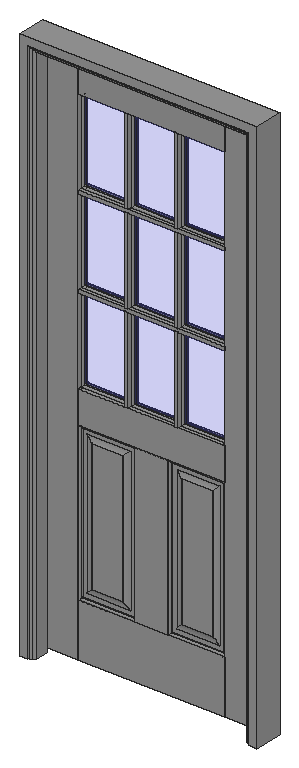
Revit family "IG9 SQUARE", category Doors, host Wall, Revit 2013
Parameters (values of type "IG9 SQUARE")
  Function = Interior
  Frame Projection Ext. = 25 mm
  Frame Projection Int. = 25 mm
  Frame Width = 75 mm
  Height = 2090 mm
  Wall Closure = By host
  Width = 889 mm
Reference planes
  plane 1: y = 0
  plane 2 "Center (Left/Right)": x = 0
  plane 3 "Left": x = -444.5
  plane 4 "Right": x = 444.5
  plane 5: z = 2090
  plane 6 "Exterior": y = 75
  plane 7 "Interior": y = -75
Forms (mm)
  Sweep 1, solid, material "Lauan, Meranti"
    path origin (0, 75, 0) x (1, 0, 0) y (0, 0, 1)
      loop
        line (444.5, 0) -> (444.5, 2090) -> (-444.5, 2090) -> (-444.5, 0)
    profile "Van Acht 105x50 Door Frame Routed Profile (Heavy) : Van Acht 105x50 Door Frame Routed Profile (Heavy)" origin (444.5, 75, 1045) x (-1, 0, 0) y (0, -1, 0)
      loop
        line (0, 22.5) -> (38, 22.5) -> (38, 67.5) -> (50, 67.5) -> (50, 112.5)
        arc (50, 112.5) -> (44.957, 114.29) -> (42.17, 118.859) r 8
        line (42.17, 118.859) -> (39, 118.859)
        arc (39, 118.859) -> (35.311, 122.973) -> (30, 124.5) r 10
        line (30, 124.5) -> (30, 127.5) -> (0, 127.5) -> (0, 22.5)
  Extrusion 2, solid, material "Lauan, Meranti"
    sketch origin (0, -85, 0) x (0, 1, 0) y (0, 0, 1)
      loop
        line (132.5, 20) -> (132.5, 221) -> (130.5, 221)
        arc (130.5, 221) -> (128.866, 225.67) -> (124.5, 228) r 6.807
        line (124.5, 228) -> (124.5, 230) -> (122.5, 230) -> (122.5, 215) -> (102.5, 215) -> (102.5, 230) -> (100.5, 230) -> (100.5, 228)
        arc (100.5, 228) -> (96.134, 225.67) -> (94.5, 221) r 6.807
        line (94.5, 221) -> (92.5, 221) -> (92.5, 20) -> (132.5, 20)
      loop
        line (132.5, 809) -> (132.5, 931) -> (130.5, 931)
        arc (130.5, 931) -> (128.866, 935.67) -> (124.5, 938) r 6.807
        line (124.5, 938) -> (124.5, 940) -> (122.5, 940) -> (122.5, 931) -> (92.5, 931) -> (92.5, 809) -> (94.5, 809)
        arc (94.5, 809) -> (96.134, 804.33) -> (100.5, 802) r 6.807
        line (100.5, 802) -> (100.5, 800) -> (102.5, 800) -> (102.5, 815) -> (122.5, 815) -> (122.5, 800) -> (124.5, 800) -> (124.5, 802)
        arc (124.5, 802) -> (128.866, 804.33) -> (130.5, 809) r 6.807
        line (130.5, 809) -> (132.5, 809)
      loop
        line (130.5, 1921) -> (132.5, 1921) -> (132.5, 2052) -> (92.5, 2052) -> (92.5, 1921) -> (122.5, 1921) -> (122.5, 1912) -> (124.5, 1912) -> (124.5, 1914)
        arc (124.5, 1914) -> (128.866, 1916.33) -> (130.5, 1921) r 6.807
    from -275.5 to 275.5
  Extrusion 3, solid, material "Lauan, Meranti"
    sketch origin (0, 0, 0) x (1, 0, 0) y (0, 1, 0)
      loop
        line (-406.5, 47.5) -> (-406.5, 7.5) -> (-275.5, 7.5) -> (-275.5, 9.5)
        arc (-275.5, 9.5) -> (-270.765, 11.06) -> (-268.5, 15.5) r 6.549
        line (-268.5, 15.5) -> (-266.5, 15.5) -> (-266.5, 17.5) -> (-281.5, 17.5) -> (-281.5, 37.5) -> (-266.5, 37.5) -> (-266.5, 39.5) -> (-268.5, 39.5)
        arc (-268.5, 39.5) -> (-270.765, 43.94) -> (-275.5, 45.5) r 6.549
        line (-275.5, 45.5) -> (-275.5, 47.5) -> (-406.5, 47.5)
      loop
        line (406.5, 47.5) -> (275.5, 47.5) -> (275.5, 45.5)
        arc (275.5, 45.5) -> (270.765, 43.94) -> (268.5, 39.5) r 6.549
        line (268.5, 39.5) -> (266.5, 39.5) -> (266.5, 37.5) -> (281.5, 37.5) -> (281.5, 17.5) -> (266.5, 17.5) -> (266.5, 15.5) -> (268.5, 15.5)
        arc (268.5, 15.5) -> (270.765, 11.06) -> (275.5, 9.5) r 6.549
        line (275.5, 9.5) -> (275.5, 7.5) -> (406.5, 7.5) -> (406.5, 47.5)
    from 20 to 931
  Sweep 4, solid, material "Lauan, Meranti"
    path origin (0, 75, 0) x (1, 0, 0) y (0, 0, 1)
      loop
        line (-61, 809) -> (-275.5, 809) -> (-275.5, 221) -> (-61, 221) -> (-61, 809)
    profile origin (-168.25, 75, 809) x (0, 0, -1) y (0, -1, 0)
      loop
        line (-4.5, 57.5) -> (-4.5, 37.5) -> (25.727, 37.5)
        arc (25.727, 37.5) -> (37.468, 35.847) -> (48.5, 31.5) r 50.456
        line (48.5, 31.5) -> (48.5, 63.5)
        arc (48.5, 63.5) -> (37.468, 59.153) -> (25.727, 57.5) r 50.456
        line (25.727, 57.5) -> (-4.5, 57.5)
  Extrusion 5, solid, material "Lauan, Meranti"
    sketch origin (0, 75, 0) x (1, 0, 0) y (0, 0, 1)
      loop
        line (-109.5, 760.5) -> (-227, 760.5) -> (-227, 269.5) -> (-109.5, 269.5) -> (-109.5, 760.5)
    from 31.5 to 63.5
  Extrusion 6, solid, material "Lauan, Meranti"
    sketch origin (0, 0, 0) x (1, 0, 0) y (0, 1, 0)
      loop
        line (-406.5, 47.5) -> (-406.5, 7.5) -> (-275.5, 7.5) -> (-275.5, 37.5) -> (-266.5, 37.5) -> (-266.5, 39.5) -> (-268.5, 39.5)
        arc (-268.5, 39.5) -> (-270.765, 43.94) -> (-275.5, 45.5) r 6.549
        line (-275.5, 45.5) -> (-275.5, 47.5) -> (-406.5, 47.5)
      loop
        line (406.5, 47.5) -> (275.5, 47.5) -> (275.5, 45.5)
        arc (275.5, 45.5) -> (270.765, 43.94) -> (268.5, 39.5) r 6.549
        line (268.5, 39.5) -> (266.5, 39.5) -> (266.5, 37.5) -> (275.5, 37.5) -> (275.5, 7.5) -> (406.5, 7.5) -> (406.5, 47.5)
    from 931 to 2052
  Extrusion 7, solid, material "Glass"
    sketch origin (-239.333, 87, -741.667) x (1, 0, 0) y (0, 0, 1)
      loop
        line (514.833, 1994) -> (339.833, 1994) -> (339.833, 1672.667) -> (514.833, 1672.667) -> (514.833, 1994)
    from 49.5 to 57.5
  Extrusion 8, solid, material "Lauan, Meranti"
    sketch origin (-376.5, 55, 0) x (0, -1, 0) y (0, 0, -1)
      loop
        line (17.5, -1577.667) -> (15.5, -1577.667) -> (15.5, -1579.667)
        arc (15.5, -1579.667) -> (11.134, -1581.996) -> (9.5, -1586.667) r 6.807
        line (9.5, -1586.667) -> (7.5, -1586.667) -> (7.5, -1599.667) -> (9.5, -1599.667)
        arc (9.5, -1599.667) -> (11.134, -1604.337) -> (15.5, -1606.667) r 6.807
        line (15.5, -1606.667) -> (15.5, -1608.667) -> (17.5, -1608.667) -> (17.5, -1599.667) -> (47.5, -1599.667) -> (47.5, -1586.667) -> (17.5, -1586.667) -> (17.5, -1577.667)
      loop
        line (17.5, -1243.333) -> (15.5, -1243.333) -> (15.5, -1245.333)
        arc (15.5, -1245.333) -> (11.134, -1247.663) -> (9.5, -1252.333) r 6.807
        line (9.5, -1252.333) -> (7.5, -1252.333) -> (7.5, -1265.333) -> (9.5, -1265.333)
        arc (9.5, -1265.333) -> (11.134, -1270.004) -> (15.5, -1272.333) r 6.807
        line (15.5, -1272.333) -> (15.5, -1274.333) -> (17.5, -1274.333) -> (17.5, -1265.333) -> (47.5, -1265.333) -> (47.5, -1252.333) -> (17.5, -1252.333) -> (17.5, -1243.333)
    from 101 to 652
  Extrusion 9, solid, material "Lauan, Meranti"
    sketch origin (-129.357, 55, 1439.918) x (1, 0, 0) y (0, 1, 0)
      loop
        line (207.857, -17.5) -> (216.857, -17.5) -> (216.857, -47.5) -> (229.857, -47.5) -> (229.857, -17.5) -> (238.857, -17.5) -> (238.857, -15.5) -> (236.857, -15.5)
        arc (236.857, -15.5) -> (234.528, -11.134) -> (229.857, -9.5) r 6.807
        line (229.857, -9.5) -> (229.857, -7.5) -> (216.857, -7.5) -> (216.857, -9.5)
        arc (216.857, -9.5) -> (212.187, -11.134) -> (209.857, -15.5) r 6.807
        line (209.857, -15.5) -> (207.857, -15.5) -> (207.857, -17.5)
      loop
        line (50.857, -17.5) -> (50.857, -15.5) -> (48.857, -15.5)
        arc (48.857, -15.5) -> (46.528, -11.134) -> (41.857, -9.5) r 6.807
        line (41.857, -9.5) -> (41.857, -7.5) -> (28.857, -7.5) -> (28.857, -9.5)
        arc (28.857, -9.5) -> (24.187, -11.134) -> (21.857, -15.5) r 6.807
        line (21.857, -15.5) -> (19.857, -15.5) -> (19.857, -17.5) -> (28.857, -17.5) -> (28.857, -47.5) -> (41.857, -47.5) -> (41.857, -17.5) -> (50.857, -17.5)
    from 159.749 to 481.082
  Extrusion 10, solid, material "Lauan, Meranti"
    sketch origin (-129.357, 55, 1105.584) x (1, 0, 0) y (0, 1, 0)
      loop
        line (207.857, -17.5) -> (216.857, -17.5) -> (216.857, -47.5) -> (229.857, -47.5) -> (229.857, -17.5) -> (238.857, -17.5) -> (238.857, -15.5) -> (236.857, -15.5)
        arc (236.857, -15.5) -> (234.528, -11.134) -> (229.857, -9.5) r 6.807
        line (229.857, -9.5) -> (229.857, -7.5) -> (216.857, -7.5) -> (216.857, -9.5)
        arc (216.857, -9.5) -> (212.187, -11.134) -> (209.857, -15.5) r 6.807
        line (209.857, -15.5) -> (207.857, -15.5) -> (207.857, -17.5)
      loop
        line (50.857, -17.5) -> (50.857, -15.5) -> (48.857, -15.5)
        arc (48.857, -15.5) -> (46.528, -11.134) -> (41.857, -9.5) r 6.807
        line (41.857, -9.5) -> (41.857, -7.5) -> (28.857, -7.5) -> (28.857, -9.5)
        arc (28.857, -9.5) -> (24.187, -11.134) -> (21.857, -15.5) r 6.807
        line (21.857, -15.5) -> (19.857, -15.5) -> (19.857, -17.5) -> (28.857, -17.5) -> (28.857, -47.5) -> (41.857, -47.5) -> (41.857, -17.5) -> (50.857, -17.5)
    from 159.749 to 481.082
  Extrusion 11, solid, material "Lauan, Meranti"
    sketch origin (-129.357, 55, 771.251) x (1, 0, 0) y (0, 1, 0)
      loop
        line (207.857, -17.5) -> (216.857, -17.5) -> (216.857, -47.5) -> (229.857, -47.5) -> (229.857, -17.5) -> (238.857, -17.5) -> (238.857, -15.5) -> (236.857, -15.5)
        arc (236.857, -15.5) -> (234.528, -11.134) -> (229.857, -9.5) r 6.807
        line (229.857, -9.5) -> (229.857, -7.5) -> (216.857, -7.5) -> (216.857, -9.5)
        arc (216.857, -9.5) -> (212.187, -11.134) -> (209.857, -15.5) r 6.807
        line (209.857, -15.5) -> (207.857, -15.5) -> (207.857, -17.5)
      loop
        line (50.857, -17.5) -> (50.857, -15.5) -> (48.857, -15.5)
        arc (48.857, -15.5) -> (46.528, -11.134) -> (41.857, -9.5) r 6.807
        line (41.857, -9.5) -> (41.857, -7.5) -> (28.857, -7.5) -> (28.857, -9.5)
        arc (28.857, -9.5) -> (24.187, -11.134) -> (21.857, -15.5) r 6.807
        line (21.857, -15.5) -> (19.857, -15.5) -> (19.857, -17.5) -> (28.857, -17.5) -> (28.857, -47.5) -> (41.857, -47.5) -> (41.857, -17.5) -> (50.857, -17.5)
    from 159.749 to 481.082
  Sweep 12, solid, material "Lauan, Meranti"
    path origin (-592.012, -20, -741.667) x (1, 0, 0) y (0, 0, -1)
      loop
        line (491.512, -1994) -> (491.512, -1672.667) -> (316.5, -1672.667) -> (316.5, -1994) -> (491.512, -1994)
    profile origin (-188.006, -20, 1252.333) x (0, 0, 1) y (0, 1, 0)
      loop
        line (-9, 49.5) -> (-9, 47.5) -> (-7, 47.5)
        arc (-7, 47.5) -> (-4.67, 43.134) -> (0, 41.5) r 6.807
        line (0, 41.5) -> (0, 49.5) -> (-9, 49.5)
  Extrusion 13, solid, material "Glass"
    sketch origin (-427.333, 87, -741.667) x (1, 0, 0) y (0, 0, 1)
      loop
        line (514.833, 1994) -> (339.833, 1994) -> (339.833, 1672.667) -> (514.833, 1672.667) -> (514.833, 1994)
    from 49.5 to 57.5
  Extrusion 14, solid, material "Glass"
    sketch origin (-615.333, 87, -741.667) x (1, 0, 0) y (0, 0, 1)
      loop
        line (514.833, 1994) -> (339.833, 1994) -> (339.833, 1672.667) -> (514.833, 1672.667) -> (514.833, 1994)
    from 49.5 to 57.5
  Extrusion 15, solid, material "Glass"
    sketch origin (-239.333, 87, -407.333) x (1, 0, 0) y (0, 0, 1)
      loop
        line (514.833, 1994) -> (339.833, 1994) -> (339.833, 1672.667) -> (514.833, 1672.667) -> (514.833, 1994)
    from 49.5 to 57.5
  Extrusion 16, solid, material "Glass"
    sketch origin (-427.333, 87, -407.333) x (1, 0, 0) y (0, 0, 1)
      loop
        line (514.833, 1994) -> (339.833, 1994) -> (339.833, 1672.667) -> (514.833, 1672.667) -> (514.833, 1994)
    from 49.5 to 57.5
  Extrusion 17, solid, material "Glass"
    sketch origin (-615.333, 87, -407.333) x (1, 0, 0) y (0, 0, 1)
      loop
        line (514.833, 1994) -> (339.833, 1994) -> (339.833, 1672.667) -> (514.833, 1672.667) -> (514.833, 1994)
    from 49.5 to 57.5
  Extrusion 18, solid, material "Glass"
    sketch origin (-239.333, 87, -73) x (1, 0, 0) y (0, 0, 1)
      loop
        line (514.833, 1994) -> (339.833, 1994) -> (339.833, 1672.667) -> (514.833, 1672.667) -> (514.833, 1994)
    from 49.5 to 57.5
  Extrusion 19, solid, material "Glass"
    sketch origin (-427.333, 87, -73) x (1, 0, 0) y (0, 0, 1)
      loop
        line (514.833, 1994) -> (339.833, 1994) -> (339.833, 1672.667) -> (514.833, 1672.667) -> (514.833, 1994)
    from 49.5 to 57.5
  Extrusion 20, solid, material "Glass"
    sketch origin (-615.333, 87, -73) x (1, 0, 0) y (0, 0, 1)
      loop
        line (514.833, 1994) -> (339.833, 1994) -> (339.833, 1672.667) -> (514.833, 1672.667) -> (514.833, 1994)
    from 49.5 to 57.5
  Sweep 21, solid, material "Lauan, Meranti"
    path origin (-404.012, -20, -741.667) x (1, 0, 0) y (0, 0, -1)
      loop
        line (491.512, -1994) -> (491.512, -1672.667) -> (316.5, -1672.667) -> (316.5, -1994) -> (491.512, -1994)
    profile origin (-0.006, -20, 1252.333) x (0, 0, 1) y (0, 1, 0)
      loop
        line (-9, 49.5) -> (-9, 47.5) -> (-7, 47.5)
        arc (-7, 47.5) -> (-4.67, 43.134) -> (0, 41.5) r 6.807
        line (0, 41.5) -> (0, 49.5) -> (-9, 49.5)
  Sweep 22, solid, material "Lauan, Meranti"
    path origin (-216.012, -20, -741.667) x (1, 0, 0) y (0, 0, -1)
      loop
        line (491.512, -1994) -> (491.512, -1672.667) -> (316.5, -1672.667) -> (316.5, -1994) -> (491.512, -1994)
    profile origin (187.994, -20, 1252.333) x (0, 0, 1) y (0, 1, 0)
      loop
        line (-9, 49.5) -> (-9, 47.5) -> (-7, 47.5)
        arc (-7, 47.5) -> (-4.67, 43.134) -> (0, 41.5) r 6.807
        line (0, 41.5) -> (0, 49.5) -> (-9, 49.5)
  Sweep 23, solid, material "Lauan, Meranti"
    path origin (-592.012, -20, -407.333) x (1, 0, 0) y (0, 0, -1)
      loop
        line (491.512, -1994) -> (491.512, -1672.667) -> (316.5, -1672.667) -> (316.5, -1994) -> (491.512, -1994)
    profile origin (-188.006, -20, 1586.667) x (0, 0, 1) y (0, 1, 0)
      loop
        line (-9, 49.5) -> (-9, 47.5) -> (-7, 47.5)
        arc (-7, 47.5) -> (-4.67, 43.134) -> (0, 41.5) r 6.807
        line (0, 41.5) -> (0, 49.5) -> (-9, 49.5)
  Sweep 24, solid, material "Lauan, Meranti"
    path origin (-404.012, -20, -407.333) x (1, 0, 0) y (0, 0, -1)
      loop
        line (491.512, -1994) -> (491.512, -1672.667) -> (316.5, -1672.667) -> (316.5, -1994) -> (491.512, -1994)
    profile origin (-0.006, -20, 1586.667) x (0, 0, 1) y (0, 1, 0)
      loop
        line (-9, 49.5) -> (-9, 47.5) -> (-7, 47.5)
        arc (-7, 47.5) -> (-4.67, 43.134) -> (0, 41.5) r 6.807
        line (0, 41.5) -> (0, 49.5) -> (-9, 49.5)
  Sweep 25, solid, material "Lauan, Meranti"
    path origin (-216.012, -20, -407.333) x (1, 0, 0) y (0, 0, -1)
      loop
        line (491.512, -1994) -> (491.512, -1672.667) -> (316.5, -1672.667) -> (316.5, -1994) -> (491.512, -1994)
    profile origin (187.994, -20, 1586.667) x (0, 0, 1) y (0, 1, 0)
      loop
        line (-9, 49.5) -> (-9, 47.5) -> (-7, 47.5)
        arc (-7, 47.5) -> (-4.67, 43.134) -> (0, 41.5) r 6.807
        line (0, 41.5) -> (0, 49.5) -> (-9, 49.5)
  Sweep 26, solid, material "Lauan, Meranti"
    path origin (-592.012, -20, -73) x (1, 0, 0) y (0, 0, -1)
      loop
        line (491.512, -1994) -> (491.512, -1672.667) -> (316.5, -1672.667) -> (316.5, -1994) -> (491.512, -1994)
    profile origin (-188.006, -20, 1921) x (0, 0, 1) y (0, 1, 0)
      loop
        line (-9, 49.5) -> (-9, 47.5) -> (-7, 47.5)
        arc (-7, 47.5) -> (-4.67, 43.134) -> (0, 41.5) r 6.807
        line (0, 41.5) -> (0, 49.5) -> (-9, 49.5)
  Sweep 27, solid, material "Lauan, Meranti"
    path origin (-404.012, -20, -73) x (1, 0, 0) y (0, 0, -1)
      loop
        line (491.512, -1994) -> (491.512, -1672.667) -> (316.5, -1672.667) -> (316.5, -1994) -> (491.512, -1994)
    profile origin (-0.006, -20, 1921) x (0, 0, 1) y (0, 1, 0)
      loop
        line (-9, 49.5) -> (-9, 47.5) -> (-7, 47.5)
        arc (-7, 47.5) -> (-4.67, 43.134) -> (0, 41.5) r 6.807
        line (0, 41.5) -> (0, 49.5) -> (-9, 49.5)
  Sweep 28, solid, material "Lauan, Meranti"
    path origin (-216.012, -20, -73) x (1, 0, 0) y (0, 0, -1)
      loop
        line (491.512, -1994) -> (491.512, -1672.667) -> (316.5, -1672.667) -> (316.5, -1994) -> (491.512, -1994)
    profile origin (187.994, -20, 1921) x (0, 0, 1) y (0, 1, 0)
      loop
        line (-9, 49.5) -> (-9, 47.5) -> (-7, 47.5)
        arc (-7, 47.5) -> (-4.67, 43.134) -> (0, 41.5) r 6.807
        line (0, 41.5) -> (0, 49.5) -> (-9, 49.5)
  Extrusion 29, solid, material "Lauan, Meranti"
    sketch origin (0, 0, 0) x (1, 0, 0) y (0, 1, 0)
      loop
        line (61, 47.5) -> (-61, 47.5) -> (-61, 45.5)
        arc (-61, 45.5) -> (-65.735, 43.94) -> (-68, 39.5) r 6.549
        line (-68, 39.5) -> (-70, 39.5) -> (-70, 37.5) -> (-55, 37.5) -> (-55, 17.5) -> (-70, 17.5) -> (-70, 15.5) -> (-68, 15.5)
        arc (-68, 15.5) -> (-65.735, 11.06) -> (-61, 9.5) r 6.549
        line (-61, 9.5) -> (-61, 7.5) -> (61, 7.5) -> (61, 9.5)
        arc (61, 9.5) -> (65.735, 11.06) -> (68, 15.5) r 6.549
        line (68, 15.5) -> (70, 15.5) -> (70, 17.5) -> (55, 17.5) -> (55, 37.5) -> (70, 37.5) -> (70, 39.5) -> (68, 39.5)
        arc (68, 39.5) -> (65.735, 43.94) -> (61, 45.5) r 6.549
        line (61, 45.5) -> (61, 47.5)
    from 221 to 809
  Sweep 30, solid, material "Lauan, Meranti"
    path origin (336.5, 75, 0) x (1, 0, 0) y (0, 0, 1)
      loop
        line (-61, 809) -> (-275.5, 809) -> (-275.5, 221) -> (-61, 221) -> (-61, 809)
    profile origin (168.25, 75, 809) x (0, 0, -1) y (0, -1, 0)
      loop
        line (-4.5, 57.5) -> (-4.5, 37.5) -> (25.727, 37.5)
        arc (25.727, 37.5) -> (37.468, 35.847) -> (48.5, 31.5) r 50.456
        line (48.5, 31.5) -> (48.5, 63.5)
        arc (48.5, 63.5) -> (37.468, 59.153) -> (25.727, 57.5) r 50.456
        line (25.727, 57.5) -> (-4.5, 57.5)
  Extrusion 31, solid, material "Lauan, Meranti"
    sketch origin (336.5, 75, 0) x (1, 0, 0) y (0, 0, 1)
      loop
        line (-109.5, 760.5) -> (-227, 760.5) -> (-227, 269.5) -> (-109.5, 269.5) -> (-109.5, 760.5)
    from 31.5 to 63.5
Cuts and joins
  joined: Extrusion 3, Extrusion 6
Lines and regions (mm)
  Opening 1
    outline origin (-3050, -75, 0) x (1, 0, 0) y (0, 0, 1)
      loop
        line (2605.5, 0) -> (3494.5, 0) -> (3494.5, 2090) -> (2605.5, 2090) -> (2605.5, 0)
  symbolic lines, style "Elevation Swing"
    curve 1: line (444.5, -75, 1045) -> (-444.5, -75, 2090)
    curve 2: line (444.5, -75, 1045) -> (-444.5, -75, 0)
  model lines
    curve 3: line (406.5, 52.5, 0) -> (406.5, 865.5, 0)
    curve 4: arc (-406.5, 52.5, 0) -> (-168.378, 627.378, 0) -> (406.5, 865.5, 0) r 813
Text (mm)
  text "Exterior" at (-2295.016, 1099.543, 0), in view "Ref. Level"
  text "Exterior" at (0, 1615.38, 3698.081), in view "Left"
  text "Exterior" at (0, 1036.032, 3874.932), in view "Right"
Dimensions and locks
  equal spacing: plane 3 "Left", plane 2 "Center (Left/Right)", plane 4 "Right"
  "Width": plane 3 "Left" to plane 4 "Right"
  "Height": plane 5 to host wall
  equal spacing: host wall, curve 2, plane 5
  host wall to plane 5 = 2090 mm
  locked: plane 6 "Exterior" to host wall at 0
  locked: plane 7 "Interior" to host wall
  plane 3 "Left" to plane 4 "Right" = 889 mm
  Sweep 1 to Sweep 1 = 813 mm
  Extrusion 3 to Sweep 1 = 2032 mm
  aligned and locked: plane 3 "Left" to Opening 1 sketch curve
  aligned and locked: plane 5 to Opening 1 sketch curve  (x2)
  aligned and locked: Opening 1 sketch curve to plane 4 "Right"
  aligned and locked: Opening 1 sketch curve to level
  aligned and locked: plane 5 to curve 1
  aligned and locked: plane 3 "Left" to curve 2
  aligned and locked: plane 1 to host wall
  aligned and locked: plane 3 "Left" to curve 1
Automatic sketch dimensions
  plane 4 "Right" to curve 2 = 0 mm
  curve 2 to level = 0 mm
  plane 3 "Left" to Sweep 1 sketch curve = 0 mm
  plane 4 "Right" to Sweep 1 sketch curve = 0 mm
  Sweep 1 sketch curve to plane 5 = 0 mm
  Sweep 1 sketch curve to level = 0 mm  (x2)
  Extrusion 2 sketch curve to host wall = 7.5 mm  (x3)
  level to Extrusion 2 sketch curve = 20 mm
  Extrusion 2 sketch curve to Extrusion 2 sketch curve = 2 mm  (x17)
  Extrusion 2 sketch curve to Extrusion 2 sketch curve = 6 mm  (x6)
  Extrusion 2 sketch curve to Extrusion 2 sketch curve = 30 mm  (x2)
  Extrusion 2 sketch curve to Extrusion 2 sketch curve = 20 mm  (x2)
  Extrusion 2 sketch curve to Extrusion 2 sketch curve = 8 mm  (x2)
  Extrusion 2 sketch curve to Extrusion 2 sketch curve = 1.197 mm  (x6)
  Extrusion 2 sketch curve to Extrusion 2 sketch curve = 195 mm
  Extrusion 2 sketch curve to Extrusion 2 sketch curve = 7 mm  (x6)
  Extrusion 2 sketch curve to Extrusion 2 sketch curve = 570 mm
  Extrusion 2 sketch curve to Extrusion 2 sketch curve = 0 mm  (x2)
  Extrusion 2 sketch curve to Extrusion 2 sketch curve = 6.241 mm
  Extrusion 2 sketch curve to Extrusion 2 sketch curve = 116 mm
  plane 5 to Extrusion 2 sketch curve = 178 mm
  Extrusion 2 sketch curve to Extrusion 2 sketch curve = 0.241 mm
  plane 5 to Extrusion 2 sketch curve = 38 mm
  Extrusion 3 sketch curve to host wall = 7.5 mm  (x2)
  Extrusion 3 sketch curve to plane 3 "Left" = 38 mm
  Extrusion 3 sketch curve to host wall = 37.5 mm  (x2)
  Extrusion 3 sketch curve to Extrusion 3 sketch curve = 125 mm
  Extrusion 3 sketch curve to Extrusion 3 sketch curve = 6 mm  (x7)
  Extrusion 3 sketch curve to Extrusion 3 sketch curve = 7 mm  (x4)
  Extrusion 3 sketch curve to Extrusion 3 sketch curve = 2 mm  (x11)
  plane 4 "Right" to Extrusion 3 sketch curve = 178 mm
  Extrusion 3 sketch curve to Extrusion 3 sketch curve = 0 mm
  plane 4 "Right" to Extrusion 3 sketch curve = 38 mm
  Extrusion 3 sketch curve to Extrusion 3 sketch curve = 0.473 mm  (x3)
  Extrusion 3 sketch curve to Extrusion 3 sketch curve = 6.527 mm
  Extrusion 3 sketch curve to Extrusion 3 sketch curve = 1.468 mm
  Sweep 4 sketch curve to plane 3 "Left" = 169 mm
  Sweep 4 sketch curve to plane 2 "Center (Left/Right)" = 61 mm
  level to Sweep 4 sketch curve = 221 mm
  Sweep 4 sketch curve to Sweep 4 sketch curve = 588 mm
  profile plane to Sweep 4 sketch curve = 4.5 mm
  plane 6 "Exterior" to Sweep 4 sketch curve = 31.5 mm
  Sweep 4 sketch curve to profile plane = 25.727 mm
  Sweep 4 sketch curve to Sweep 4 sketch curve = 0 mm
  Sweep 4 sketch curve to Sweep 4 sketch curve = 22.773 mm
  Sweep 4 sketch curve to profile plane = 24.613 mm  (x2)
  plane 6 "Exterior" to Sweep 4 sketch curve = 37.5 mm
  Sweep 4 sketch curve to Sweep 4 sketch curve = 20 mm
  Sweep 4 sketch curve to Sweep 4 sketch curve = 6 mm
  Extrusion 5 sketch curve to plane 3 "Left" = 217.5 mm
  Extrusion 5 sketch curve to plane 2 "Center (Left/Right)" = 109.5 mm
  level to Extrusion 5 sketch curve = 269.5 mm
  Extrusion 5 sketch curve to Extrusion 5 sketch curve = 491 mm
  plane 4 "Right" to curve 3 = 38 mm
  host wall to curve 3 = 790.5 mm
  curve 4 to host wall = 22.5 mm
  curve 3 to curve 4 = 0 mm
  Extrusion 6 sketch curve to host wall = 7.5 mm  (x2)
  Extrusion 6 sketch curve to plane 3 "Left" = 38 mm
  Extrusion 6 sketch curve to host wall = 37.5 mm  (x2)
  Extrusion 6 sketch curve to Extrusion 6 sketch curve = 131 mm
  Extrusion 6 sketch curve to Extrusion 6 sketch curve = 0 mm
  Extrusion 6 sketch curve to Extrusion 6 sketch curve = 7 mm  (x2)
  Extrusion 6 sketch curve to Extrusion 6 sketch curve = 2 mm  (x5)
  plane 4 "Right" to Extrusion 6 sketch curve = 178 mm
  Extrusion 6 sketch curve to Extrusion 6 sketch curve = 9 mm
  plane 4 "Right" to Extrusion 6 sketch curve = 38 mm
  Extrusion 6 sketch curve to Extrusion 6 sketch curve = 0.473 mm  (x2)
  Extrusion 6 sketch curve to Extrusion 6 sketch curve = 8 mm  (x2)
  Extrusion 6 sketch curve to host wall = 27.5 mm
  plane 2 "Center (Left/Right)" to Extrusion 7 sketch curve = 100.5 mm
  plane 4 "Right" to Extrusion 7 sketch curve = 169 mm
  level to Extrusion 7 sketch curve = 931 mm
  Extrusion 7 sketch curve to Extrusion 7 sketch curve = 321.333 mm
  Extrusion 8 sketch curve to host wall = 27.5 mm
  Extrusion 8 sketch curve to host wall = 35.5 mm
  plane 5 to Extrusion 8 sketch curve = 481.333 mm
  Extrusion 8 sketch curve to Extrusion 8 sketch curve = 8 mm
  Extrusion 8 sketch curve to Extrusion 8 sketch curve = 2 mm  (x12)
  Extrusion 8 sketch curve to Extrusion 8 sketch curve = 6 mm  (x3)
  Extrusion 8 sketch curve to host wall = 7.5 mm  (x2)
  Extrusion 8 sketch curve to Extrusion 8 sketch curve = 1.197 mm  (x4)
  Extrusion 8 sketch curve to Extrusion 8 sketch curve = 7 mm  (x4)
  Extrusion 8 sketch curve to Extrusion 8 sketch curve = 0.241 mm
  Extrusion 8 sketch curve to Extrusion 8 sketch curve = 13 mm  (x3)
  Extrusion 8 sketch curve to Extrusion 8 sketch curve = 0 mm  (x2)
  Extrusion 8 sketch curve to Extrusion 8 sketch curve = 303.333 mm
  Extrusion 9 sketch curve to host wall = 37.5 mm  (x2)
  Extrusion 9 sketch curve to plane 2 "Center (Left/Right)" = 109.5 mm
  Extrusion 9 sketch curve to host wall = 7.5 mm  (x2)
  Extrusion 9 sketch curve to Extrusion 9 sketch curve = 2 mm  (x10)
  Extrusion 9 sketch curve to Extrusion 9 sketch curve = 7 mm  (x3)
  Extrusion 9 sketch curve to Extrusion 9 sketch curve = 0 mm  (x6)
  Extrusion 9 sketch curve to Extrusion 9 sketch curve = 13 mm  (x2)
  plane 2 "Center (Left/Right)" to Extrusion 9 sketch curve = 78.5 mm
  Extrusion 9 sketch curve to Extrusion 9 sketch curve = 9 mm
  Extrusion 9 sketch curve to Extrusion 9 sketch curve = 0.241 mm  (x4)
  Extrusion 9 sketch curve to Extrusion 9 sketch curve = 8 mm  (x4)
  Extrusion 10 sketch curve to host wall = 37.5 mm  (x2)
  Extrusion 10 sketch curve to plane 2 "Center (Left/Right)" = 109.5 mm
  Extrusion 10 sketch curve to host wall = 7.5 mm  (x2)
  Extrusion 10 sketch curve to Extrusion 10 sketch curve = 2 mm  (x10)
  Extrusion 10 sketch curve to Extrusion 10 sketch curve = 7 mm  (x3)
  Extrusion 10 sketch curve to Extrusion 10 sketch curve = 0 mm  (x6)
  Extrusion 10 sketch curve to Extrusion 10 sketch curve = 13 mm  (x2)
  plane 2 "Center (Left/Right)" to Extrusion 10 sketch curve = 78.5 mm
  Extrusion 10 sketch curve to Extrusion 10 sketch curve = 9 mm
  Extrusion 10 sketch curve to Extrusion 10 sketch curve = 0.241 mm  (x4)
  Extrusion 10 sketch curve to Extrusion 10 sketch curve = 8 mm  (x4)
  Extrusion 11 sketch curve to host wall = 37.5 mm  (x2)
  Extrusion 11 sketch curve to plane 2 "Center (Left/Right)" = 109.5 mm
  Extrusion 11 sketch curve to host wall = 7.5 mm  (x2)
  Extrusion 11 sketch curve to Extrusion 11 sketch curve = 2 mm  (x10)
  Extrusion 11 sketch curve to Extrusion 11 sketch curve = 7 mm  (x3)
  Extrusion 11 sketch curve to Extrusion 11 sketch curve = 0 mm  (x6)
  Extrusion 11 sketch curve to Extrusion 11 sketch curve = 13 mm  (x2)
  plane 2 "Center (Left/Right)" to Extrusion 11 sketch curve = 78.5 mm
  Extrusion 11 sketch curve to Extrusion 11 sketch curve = 9 mm
  Extrusion 11 sketch curve to Extrusion 11 sketch curve = 0.241 mm  (x4)
  Extrusion 11 sketch curve to Extrusion 11 sketch curve = 8 mm  (x4)
  Sweep 12 sketch curve to plane 3 "Left" = 168.988 mm
  plane 5 to Sweep 12 sketch curve = 837.667 mm
  Sweep 12 sketch curve to plane 2 "Center (Left/Right)" = 100.5 mm
  Sweep 12 sketch curve to Sweep 12 sketch curve = 321.333 mm
  profile plane to Sweep 12 sketch curve = 0 mm
  profile plane to Sweep 12 sketch curve = 41.5 mm
  profile plane to Sweep 12 sketch curve = 7 mm
  Sweep 12 sketch curve to Sweep 12 sketch curve = 2 mm  (x2)
  profile plane to Sweep 12 sketch curve = 0.241 mm
  Sweep 12 sketch curve to Sweep 12 sketch curve = 6 mm
  Extrusion 13 sketch curve to plane 2 "Center (Left/Right)" = 87.5 mm
  plane 2 "Center (Left/Right)" to Extrusion 13 sketch curve = 87.5 mm
  level to Extrusion 13 sketch curve = 931 mm
  Extrusion 13 sketch curve to Extrusion 13 sketch curve = 321.333 mm
  Extrusion 14 sketch curve to plane 3 "Left" = 169 mm
  Extrusion 14 sketch curve to plane 2 "Center (Left/Right)" = 100.5 mm
  level to Extrusion 14 sketch curve = 931 mm
  Extrusion 14 sketch curve to Extrusion 14 sketch curve = 321.333 mm
  plane 2 "Center (Left/Right)" to Extrusion 15 sketch curve = 100.5 mm
  plane 4 "Right" to Extrusion 15 sketch curve = 169 mm
  plane 5 to Extrusion 15 sketch curve = 824.667 mm
  Extrusion 15 sketch curve to Extrusion 15 sketch curve = 321.333 mm
  Extrusion 16 sketch curve to plane 2 "Center (Left/Right)" = 87.5 mm
  plane 2 "Center (Left/Right)" to Extrusion 16 sketch curve = 87.5 mm
  plane 5 to Extrusion 16 sketch curve = 824.667 mm
  Extrusion 16 sketch curve to Extrusion 16 sketch curve = 321.333 mm
  Extrusion 17 sketch curve to plane 3 "Left" = 169 mm
  Extrusion 17 sketch curve to plane 2 "Center (Left/Right)" = 100.5 mm
  plane 5 to Extrusion 17 sketch curve = 824.667 mm
  Extrusion 17 sketch curve to Extrusion 17 sketch curve = 321.333 mm
  plane 2 "Center (Left/Right)" to Extrusion 18 sketch curve = 100.5 mm
  plane 4 "Right" to Extrusion 18 sketch curve = 169 mm
  plane 5 to Extrusion 18 sketch curve = 490.333 mm
  plane 5 to Extrusion 18 sketch curve = 169 mm
  Extrusion 19 sketch curve to plane 2 "Center (Left/Right)" = 87.5 mm
  plane 2 "Center (Left/Right)" to Extrusion 19 sketch curve = 87.5 mm
  plane 5 to Extrusion 19 sketch curve = 490.333 mm
  plane 5 to Extrusion 19 sketch curve = 169 mm
  Extrusion 20 sketch curve to plane 3 "Left" = 169 mm
  Extrusion 20 sketch curve to plane 2 "Center (Left/Right)" = 100.5 mm
  plane 5 to Extrusion 20 sketch curve = 490.333 mm
  plane 5 to Extrusion 20 sketch curve = 169 mm
  Sweep 21 sketch curve to plane 2 "Center (Left/Right)" = 87.512 mm
  plane 5 to Sweep 21 sketch curve = 837.667 mm
  plane 2 "Center (Left/Right)" to Sweep 21 sketch curve = 87.5 mm
  Sweep 21 sketch curve to Sweep 21 sketch curve = 321.333 mm
  profile plane to Sweep 21 sketch curve = 0 mm
  profile plane to Sweep 21 sketch curve = 41.5 mm
  profile plane to Sweep 21 sketch curve = 7 mm
  Sweep 21 sketch curve to Sweep 21 sketch curve = 2 mm  (x2)
  profile plane to Sweep 21 sketch curve = 0.241 mm
  Sweep 21 sketch curve to Sweep 21 sketch curve = 6 mm
  plane 2 "Center (Left/Right)" to Sweep 22 sketch curve = 100.488 mm
  plane 5 to Sweep 22 sketch curve = 837.667 mm
  plane 4 "Right" to Sweep 22 sketch curve = 169 mm
  Sweep 22 sketch curve to Sweep 22 sketch curve = 321.333 mm
  profile plane to Sweep 22 sketch curve = 0 mm
  profile plane to Sweep 22 sketch curve = 41.5 mm
  profile plane to Sweep 22 sketch curve = 7 mm
  Sweep 22 sketch curve to Sweep 22 sketch curve = 2 mm  (x2)
  profile plane to Sweep 22 sketch curve = 0.241 mm
  Sweep 22 sketch curve to Sweep 22 sketch curve = 6 mm
  Sweep 23 sketch curve to plane 3 "Left" = 168.988 mm
  plane 5 to Sweep 23 sketch curve = 503.333 mm
  Sweep 23 sketch curve to plane 2 "Center (Left/Right)" = 100.5 mm
  Sweep 23 sketch curve to Sweep 23 sketch curve = 321.333 mm
  profile plane to Sweep 23 sketch curve = 0 mm
  profile plane to Sweep 23 sketch curve = 41.5 mm
  profile plane to Sweep 23 sketch curve = 7 mm
  Sweep 23 sketch curve to Sweep 23 sketch curve = 2 mm  (x2)
  profile plane to Sweep 23 sketch curve = 0.241 mm
  Sweep 23 sketch curve to Sweep 23 sketch curve = 6 mm
  Sweep 24 sketch curve to plane 2 "Center (Left/Right)" = 87.512 mm
  plane 5 to Sweep 24 sketch curve = 503.333 mm
  plane 2 "Center (Left/Right)" to Sweep 24 sketch curve = 87.5 mm
  Sweep 24 sketch curve to Sweep 24 sketch curve = 321.333 mm
  profile plane to Sweep 24 sketch curve = 0 mm
  profile plane to Sweep 24 sketch curve = 41.5 mm
  profile plane to Sweep 24 sketch curve = 7 mm
  Sweep 24 sketch curve to Sweep 24 sketch curve = 2 mm  (x2)
  profile plane to Sweep 24 sketch curve = 0.241 mm
  Sweep 24 sketch curve to Sweep 24 sketch curve = 6 mm
  plane 2 "Center (Left/Right)" to Sweep 25 sketch curve = 100.488 mm
  plane 5 to Sweep 25 sketch curve = 503.333 mm
  plane 4 "Right" to Sweep 25 sketch curve = 169 mm
  Sweep 25 sketch curve to Sweep 25 sketch curve = 321.333 mm
  profile plane to Sweep 25 sketch curve = 0 mm
  profile plane to Sweep 25 sketch curve = 41.5 mm
  profile plane to Sweep 25 sketch curve = 7 mm
  Sweep 25 sketch curve to Sweep 25 sketch curve = 2 mm  (x2)
  profile plane to Sweep 25 sketch curve = 0.241 mm
  Sweep 25 sketch curve to Sweep 25 sketch curve = 6 mm
  Sweep 26 sketch curve to plane 3 "Left" = 168.988 mm
  plane 5 to Sweep 26 sketch curve = 169 mm
  Sweep 26 sketch curve to plane 2 "Center (Left/Right)" = 100.5 mm
  Sweep 26 sketch curve to Sweep 26 sketch curve = 321.333 mm
  profile plane to Sweep 26 sketch curve = 0 mm
  profile plane to Sweep 26 sketch curve = 41.5 mm
  profile plane to Sweep 26 sketch curve = 7 mm
  Sweep 26 sketch curve to Sweep 26 sketch curve = 2 mm  (x2)
  profile plane to Sweep 26 sketch curve = 0.241 mm
  Sweep 26 sketch curve to Sweep 26 sketch curve = 6 mm
  Sweep 27 sketch curve to plane 2 "Center (Left/Right)" = 87.512 mm
  plane 5 to Sweep 27 sketch curve = 169 mm
  plane 2 "Center (Left/Right)" to Sweep 27 sketch curve = 87.5 mm
  Sweep 27 sketch curve to Sweep 27 sketch curve = 321.333 mm
  profile plane to Sweep 27 sketch curve = 0 mm
  profile plane to Sweep 27 sketch curve = 41.5 mm
  profile plane to Sweep 27 sketch curve = 7 mm
  Sweep 27 sketch curve to Sweep 27 sketch curve = 2 mm  (x2)
  profile plane to Sweep 27 sketch curve = 0.241 mm
  Sweep 27 sketch curve to Sweep 27 sketch curve = 6 mm
  plane 2 "Center (Left/Right)" to Sweep 28 sketch curve = 100.488 mm
  plane 5 to Sweep 28 sketch curve = 169 mm
  plane 4 "Right" to Sweep 28 sketch curve = 169 mm
  Sweep 28 sketch curve to Sweep 28 sketch curve = 321.333 mm
  profile plane to Sweep 28 sketch curve = 0 mm
  profile plane to Sweep 28 sketch curve = 41.5 mm
  profile plane to Sweep 28 sketch curve = 7 mm
  Sweep 28 sketch curve to Sweep 28 sketch curve = 2 mm  (x2)
  profile plane to Sweep 28 sketch curve = 0.241 mm
  Sweep 28 sketch curve to Sweep 28 sketch curve = 6 mm
  Extrusion 29 sketch curve to plane 2 "Center (Left/Right)" = 70 mm
  Extrusion 29 sketch curve to host wall = 7.5 mm
  Extrusion 29 sketch curve to Extrusion 29 sketch curve = 0 mm
  Extrusion 29 sketch curve to Extrusion 29 sketch curve = 2 mm  (x10)
  Extrusion 29 sketch curve to Extrusion 29 sketch curve = 7 mm  (x4)
  Extrusion 29 sketch curve to Extrusion 29 sketch curve = 6 mm  (x6)
  Extrusion 29 sketch curve to host wall = 17.5 mm
  plane 2 "Center (Left/Right)" to Extrusion 29 sketch curve = 55 mm
  Extrusion 29 sketch curve to Extrusion 29 sketch curve = 0.473 mm  (x3)
  Extrusion 29 sketch curve to Extrusion 29 sketch curve = 6.527 mm
  Extrusion 29 sketch curve to Extrusion 29 sketch curve = 1.468 mm
  Extrusion 29 sketch curve to Extrusion 29 sketch curve = 20 mm  (x2)
  plane 2 "Center (Left/Right)" to Sweep 30 sketch curve = 61 mm
  level to Sweep 30 sketch curve = 221 mm
  plane 4 "Right" to Sweep 30 sketch curve = 169 mm
  Sweep 30 sketch curve to Sweep 30 sketch curve = 588 mm
  profile plane to Sweep 30 sketch curve = 4.5 mm
  plane 6 "Exterior" to Sweep 30 sketch curve = 31.5 mm
  Sweep 30 sketch curve to profile plane = 25.727 mm
  Sweep 30 sketch curve to Sweep 30 sketch curve = 0 mm
  Sweep 30 sketch curve to Sweep 30 sketch curve = 22.773 mm
  Sweep 30 sketch curve to profile plane = 24.613 mm  (x2)
  plane 6 "Exterior" to Sweep 30 sketch curve = 37.5 mm
  Sweep 30 sketch curve to Sweep 30 sketch curve = 20 mm
  Sweep 30 sketch curve to Sweep 30 sketch curve = 6 mm
  plane 2 "Center (Left/Right)" to Extrusion 31 sketch curve = 109.5 mm
  level to Extrusion 31 sketch curve = 269.5 mm
  Extrusion 31 sketch curve to Extrusion 31 sketch curve = 117.5 mm
  Extrusion 31 sketch curve to Extrusion 31 sketch curve = 491 mm
